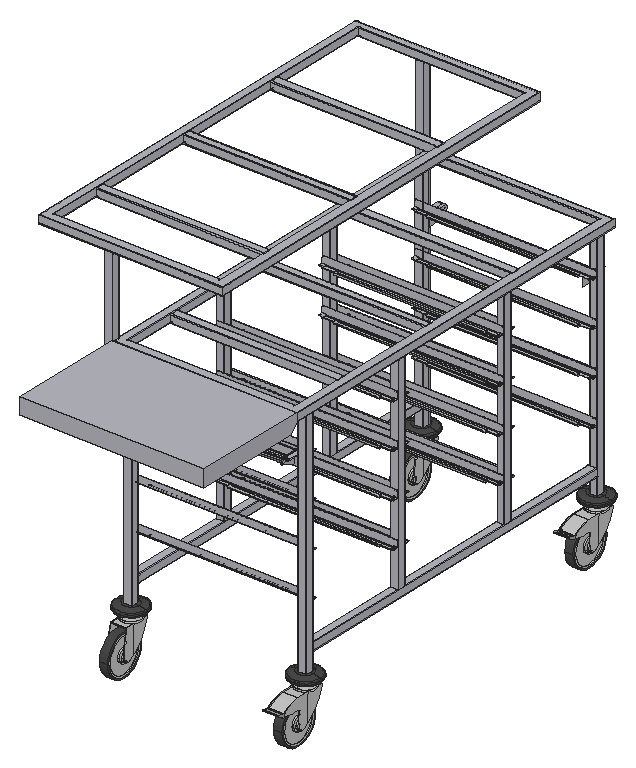
Revit family "QF_BOURGEAT_Chariot_de_préparation_de_plateaux", category Equipement spécialisé, Revit 2015
Parameters
  URL catalogue = "http://www.bourgeat.fr"
  URL = ""
  Type article = ""
  Spécification du Fabricant = "Chariot de préparation de plateaux"
  Profondeur hors tout = 817 mm
  Poids net à vide = 30.50 kg
  Modèle = "798900"
  Longueur hors tout = 1200 mm
  Hauteur hors tout = 1170 mm
  Fabricant = "BOURGEAT"
  Description = ""
  Contact SAV = "0033(4).76.32.14.44"
  Type Comments = ""
  Charge max = 200.00 kg
Reference planes
  plane 1 "Centre (avant/arrière)": y = 0
  plane 2: z = 0
  plane 3 "Centre (gauche/droite)": x = 0
  plane 4: y = 600
  plane 5: y = -600
  plane 6: x = -408.5
  plane 7: x = 408.5
  plane 8: x = -168.5
  plane 9: x = 358.5
  plane 10: y = -550
  plane 11: z = 1170
  plane 12: y = 550
  plane 13: x = -168.5
  plane 14: x = 358.5
  plane 15: z = 882.5
  plane 16: y = -200
  plane 17: y = 200
  plane 18: z = 257.5
  plane 19: y = -403
  plane 20: y = -73
  plane 21: y = 257
  plane 22: z = 794
  plane 23: z = 660
  plane 24: z = 526
  plane 25: z = 392
  plane 26: z = 766.9
  plane 27: z = 733
  plane 28 "Plan incliné": through (4267.2, -752.146, 864.3) normal (0, 0.5595, 0.8288)
  plane 29 "trou": y = -596.016
Forms (mm)
  Extrusion 1, solid, material "Acier inoxydable AISI 440C, soudé"
    sketch origin (0, -350, 0) x (1, 0, 0) y (0, 1, 0)
      loop
        arc (-179.5, 562.5) -> (-180.561, 562.061) -> (-181, 561) r 1.5
        line (-181, 561) -> (-181, 539)
        arc (-181, 539) -> (-180.561, 537.939) -> (-179.5, 537.5) r 1.5
        line (-179.5, 537.5) -> (-157.5, 537.5)
        arc (-157.5, 537.5) -> (-156.439, 537.939) -> (-156, 539) r 1.5
        line (-156, 539) -> (-156, 561)
        arc (-156, 561) -> (-156.439, 562.061) -> (-157.5, 562.5) r 1.5
        line (-157.5, 562.5) -> (-179.5, 562.5)
      loop
        arc (350, 562.5) -> (348.939, 562.061) -> (348.5, 561) r 1.5
        line (348.5, 561) -> (348.5, 539)
        arc (348.5, 539) -> (348.939, 537.939) -> (350, 537.5) r 1.5
        line (350, 537.5) -> (369.5, 537.5)
        arc (369.5, 537.5) -> (370.561, 537.939) -> (371, 539) r 1.5
        line (371, 539) -> (371, 561)
        arc (371, 561) -> (370.561, 562.061) -> (369.5, 562.5) r 1.5
        line (369.5, 562.5) -> (350, 562.5)
      loop
        arc (347.5, 162.5) -> (346.439, 162.061) -> (346, 161) r 1.5
        line (346, 161) -> (346, 139)
        arc (346, 139) -> (346.439, 137.939) -> (347.5, 137.5) r 1.5
        line (347.5, 137.5) -> (369.5, 137.5)
        arc (369.5, 137.5) -> (370.561, 137.939) -> (371, 139) r 1.5
        line (371, 139) -> (371, 161)
        arc (371, 161) -> (370.561, 162.061) -> (369.5, 162.5) r 1.5
        line (369.5, 162.5) -> (347.5, 162.5)
      loop
        arc (-179.5, 162.5) -> (-180.561, 162.061) -> (-181, 161) r 1.5
        line (-181, 161) -> (-181, 139)
        arc (-181, 139) -> (-180.561, 137.939) -> (-179.5, 137.5) r 1.5
        line (-179.5, 137.5) -> (-157.5, 137.5)
        arc (-157.5, 137.5) -> (-156.439, 137.939) -> (-156, 139) r 1.5
        line (-156, 139) -> (-156, 161)
        arc (-156, 161) -> (-156.439, 162.061) -> (-157.5, 162.5) r 1.5
        line (-157.5, 162.5) -> (-179.5, 162.5)
    from 257.5 to 882.5
  Extrusion 2, solid, material "Acier inoxydable AISI 440C, soudé"
    sketch origin (0, 0, 0) x (1, 0, 0) y (0, 0, 1)
      loop
        arc (-179.5, 257.5) -> (-180.561, 257.061) -> (-181, 256) r 1.5
        line (-181, 256) -> (-181, 234)
        arc (-181, 234) -> (-180.561, 232.939) -> (-179.5, 232.5) r 1.5
        line (-179.5, 232.5) -> (-157.5, 232.5)
        arc (-157.5, 232.5) -> (-156.439, 232.939) -> (-156, 234) r 1.5
        line (-156, 234) -> (-156, 256)
        arc (-156, 256) -> (-156.439, 257.061) -> (-157.5, 257.5) r 1.5
        line (-157.5, 257.5) -> (-179.5, 257.5)
      loop
        arc (347.5, 257.5) -> (346.439, 257.061) -> (346, 256) r 1.5
        line (346, 256) -> (346, 234)
        arc (346, 234) -> (346.439, 232.939) -> (347.5, 232.5) r 1.5
        line (347.5, 232.5) -> (369.5, 232.5)
        arc (369.5, 232.5) -> (370.561, 232.939) -> (371, 234) r 1.5
        line (371, 234) -> (371, 256)
        arc (371, 256) -> (370.561, 257.061) -> (369.5, 257.5) r 1.5
        line (369.5, 257.5) -> (347.5, 257.5)
    from -537.5 to 537.5
  Sweep 3, solid, material "Acier inoxydable AISI 440C, soudé"
    path origin (-1122.43, -1524, 882.5) x (-1, 0, 0) y (0, -1, 0)
      loop
        line (-938.93, -924) -> (-1495.93, -924) -> (-1495.93, -2124) -> (-938.93, -2124) -> (-938.93, -924)
    profile origin (95, -600, 882.5) x (0, 1, 0) y (0, 0, 1)
      loop
        line (1.5, 0) -> (23.5, 0)
        arc (23.5, 0) -> (24.561, 0.439) -> (25, 1.5) r 1.5
        line (25, 1.5) -> (25, 23.5)
        arc (25, 23.5) -> (24.561, 24.561) -> (23.5, 25) r 1.5
        line (23.5, 25) -> (1.5, 25)
        arc (1.5, 25) -> (0.439, 24.561) -> (0, 23.5) r 1.5
        line (0, 23.5) -> (0, 1.5)
        arc (0, 1.5) -> (0.439, 0.439) -> (1.5, 0) r 1.5
  Extrusion 4, solid, material "Acier inoxydable AISI 440C, soudé"
    sketch origin (95, -600, 882.5) x (0, 1, 0) y (0, 0, 1)
      loop
        line (209.5, 1.5) -> (209.5, 23.5)
        arc (209.5, 23.5) -> (209.061, 24.561) -> (208, 25) r 1.5
        line (208, 25) -> (186, 25)
        arc (186, 25) -> (184.939, 24.561) -> (184.5, 23.5) r 1.5
        line (184.5, 23.5) -> (184.5, 1.5)
        arc (184.5, 1.5) -> (184.939, 0.439) -> (186, 0) r 1.5
        line (186, 0) -> (208, 0)
        arc (208, 0) -> (209.061, 0.439) -> (209.5, 1.5) r 1.5
      loop
        line (539.5, 1.5) -> (539.5, 23.5)
        arc (539.5, 23.5) -> (539.061, 24.561) -> (538, 25) r 1.5
        line (538, 25) -> (516, 25)
        arc (516, 25) -> (514.939, 24.561) -> (514.5, 23.5) r 1.5
        line (514.5, 23.5) -> (514.5, 1.5)
        arc (514.5, 1.5) -> (514.939, 0.439) -> (516, 0) r 1.5
        line (516, 0) -> (538, 0)
        arc (538, 0) -> (539.061, 0.439) -> (539.5, 1.5) r 1.5
      loop
        line (869.5, 1.5) -> (869.5, 23.5)
        arc (869.5, 23.5) -> (869.061, 24.561) -> (868, 25) r 1.5
        line (868, 25) -> (846, 25)
        arc (846, 25) -> (844.939, 24.561) -> (844.5, 23.5) r 1.5
        line (844.5, 23.5) -> (844.5, 1.5)
        arc (844.5, 1.5) -> (844.939, 0.439) -> (846, 0) r 1.5
        line (846, 0) -> (868, 0)
        arc (868, 0) -> (869.061, 0.439) -> (869.5, 1.5) r 1.5
    from -253.5 to 253.5
  Sweep 5, solid, material "Acier inoxydable AISI 440C, soudé"
    path origin (-1122.43, -1524, 1145.029) x (-1, 0, 0) y (0, -1, 0)
      loop
        line (-713.93, -924) -> (-1270.93, -924) -> (-1270.93, -2124) -> (-713.93, -2124) -> (-713.93, -924)
    profile origin (-130, -600, 1145.029) x (0, 1, 0) y (0, 0, 1)
      loop
        line (1.5, 0) -> (23.5, 0)
        arc (23.5, 0) -> (24.561, 0.439) -> (25, 1.5) r 1.5
        line (25, 1.5) -> (25, 23.5)
        arc (25, 23.5) -> (24.561, 24.561) -> (23.5, 25) r 1.5
        line (23.5, 25) -> (1.5, 25)
        arc (1.5, 25) -> (0.439, 24.561) -> (0, 23.5) r 1.5
        line (0, 23.5) -> (0, 1.5)
        arc (0, 1.5) -> (0.439, 0.439) -> (1.5, 0) r 1.5
  Extrusion 6, solid, material "Acier inoxydable AISI 440C, soudé"
    sketch origin (-130, -600, 1407.529) x (0, 1, 0) y (0, 0, 1)
      loop
        line (211, -261.029) -> (211, -240.529)
        arc (211, -240.529) -> (210.121, -238.407) -> (208, -237.529) r 3
        line (208, -237.529) -> (187.5, -237.529)
        arc (187.5, -237.529) -> (185.379, -238.407) -> (184.5, -240.529) r 3
        line (184.5, -240.529) -> (184.5, -261.029)
        arc (184.5, -261.029) -> (184.939, -262.089) -> (186, -262.529) r 1.5
        line (186, -262.529) -> (209.5, -262.529)
        arc (209.5, -262.529) -> (210.561, -262.089) -> (211, -261.029) r 1.5
      loop
        line (539.5, -261.029) -> (539.5, -239.029)
        arc (539.5, -239.029) -> (539.061, -237.968) -> (538, -237.529) r 1.5
        line (538, -237.529) -> (516, -237.529)
        arc (516, -237.529) -> (514.939, -237.968) -> (514.5, -239.029) r 1.5
        line (514.5, -239.029) -> (514.5, -261.029)
        arc (514.5, -261.029) -> (514.939, -262.089) -> (516, -262.529) r 1.5
        line (516, -262.529) -> (538, -262.529)
        arc (538, -262.529) -> (539.061, -262.089) -> (539.5, -261.029) r 1.5
      loop
        line (869.5, -261.029) -> (869.5, -239.029)
        arc (869.5, -239.029) -> (869.061, -237.968) -> (868, -237.529) r 1.5
        line (868, -237.529) -> (846, -237.529)
        arc (846, -237.529) -> (844.939, -237.968) -> (844.5, -239.029) r 1.5
        line (844.5, -239.029) -> (844.5, -261.029)
        arc (844.5, -261.029) -> (844.939, -262.089) -> (846, -262.529) r 1.5
        line (846, -262.529) -> (868, -262.529)
        arc (868, -262.529) -> (869.061, -262.089) -> (869.5, -261.029) r 1.5
    from -253.5 to 253.5
  Extrusion 7, solid, material "Acier inoxydable AISI 440C, soudé"
    sketch origin (-67.5, -350, 0) x (1, 0, 0) y (0, 1, 0)
      loop
        arc (-139.5, 950) -> (-140.561, 949.561) -> (-141, 948.5) r 1.5
        line (-141, 948.5) -> (-141, 926.5)
        arc (-141, 926.5) -> (-140.561, 925.439) -> (-139.5, 925) r 1.5
        line (-139.5, 925) -> (-117.5, 925)
        arc (-117.5, 925) -> (-116.439, 925.439) -> (-116, 926.5) r 1.5
        line (-116, 926.5) -> (-116, 948.5)
        arc (-116, 948.5) -> (-116.439, 949.561) -> (-117.5, 950) r 1.5
        line (-117.5, 950) -> (-139.5, 950)
      loop
        arc (-139.5, -225) -> (-140.561, -225.439) -> (-141, -226.5) r 1.5
        line (-141, -226.5) -> (-141, -248.5)
        arc (-141, -248.5) -> (-140.561, -249.561) -> (-139.5, -250) r 1.5
        line (-139.5, -250) -> (-117.5, -250)
        arc (-117.5, -250) -> (-116.439, -249.561) -> (-116, -248.5) r 1.5
        line (-116, -248.5) -> (-116, -226.5)
        arc (-116, -226.5) -> (-116.439, -225.439) -> (-117.5, -225) r 1.5
        line (-117.5, -225) -> (-139.5, -225)
    from 882.5 to 1145
  Extrusion 8, solid, material "Acier inoxydable AISI 440C, soudé"
    sketch origin (0, -700, 0) x (1, 0, 0) y (0, 1, 0)
      loop
        arc (-179.5, 1262.5) -> (-180.561, 1262.061) -> (-181, 1261) r 1.5
        line (-181, 1261) -> (-181, 1239)
        arc (-181, 1239) -> (-180.561, 1237.939) -> (-179.5, 1237.5) r 1.5
        line (-179.5, 1237.5) -> (-157.5, 1237.5)
        arc (-157.5, 1237.5) -> (-156.439, 1237.939) -> (-156, 1239) r 1.5
        line (-156, 1239) -> (-156, 1261)
        arc (-156, 1261) -> (-156.439, 1262.061) -> (-157.5, 1262.5) r 1.5
        line (-157.5, 1262.5) -> (-179.5, 1262.5)
      loop
        arc (350, 1262.5) -> (348.939, 1262.061) -> (348.5, 1261) r 1.5
        line (348.5, 1261) -> (348.5, 1239)
        arc (348.5, 1239) -> (348.939, 1237.939) -> (350, 1237.5) r 1.5
        line (350, 1237.5) -> (369.5, 1237.5)
        arc (369.5, 1237.5) -> (370.561, 1237.939) -> (371, 1239) r 1.5
        line (371, 1239) -> (371, 1261)
        arc (371, 1261) -> (370.561, 1262.061) -> (369.5, 1262.5) r 1.5
        line (369.5, 1262.5) -> (350, 1262.5)
      loop
        arc (347.5, 162.5) -> (346.439, 162.061) -> (346, 161) r 1.5
        line (346, 161) -> (346, 139)
        arc (346, 139) -> (346.439, 137.939) -> (347.5, 137.5) r 1.5
        line (347.5, 137.5) -> (369.5, 137.5)
        arc (369.5, 137.5) -> (370.561, 137.939) -> (371, 139) r 1.5
        line (371, 139) -> (371, 161)
        arc (371, 161) -> (370.561, 162.061) -> (369.5, 162.5) r 1.5
        line (369.5, 162.5) -> (347.5, 162.5)
      loop
        arc (-179.5, 162.5) -> (-180.561, 162.061) -> (-181, 161) r 1.5
        line (-181, 161) -> (-181, 139)
        arc (-181, 139) -> (-180.561, 137.939) -> (-179.5, 137.5) r 1.5
        line (-179.5, 137.5) -> (-157.5, 137.5)
        arc (-157.5, 137.5) -> (-156.439, 137.939) -> (-156, 139) r 1.5
        line (-156, 139) -> (-156, 161)
        arc (-156, 161) -> (-156.439, 162.061) -> (-157.5, 162.5) r 1.5
        line (-157.5, 162.5) -> (-179.5, 162.5)
    from 182 to 882.5
  Extrusion 9, solid, material "Acier inoxydable AISI 440C, soudé"
    sketch origin (-1124.91, -1486.516, 882.5) x (-1, 0, 0) y (0, -1, 0)
      loop
        line (-1470.91, -949.02) -> (-1468.91, -949.02) -> (-1468.91, -931.02) -> (-1451.41, -931.02) -> (-1451.41, -929.02) -> (-1470.91, -929.02) -> (-1470.91, -949.02)
    from -149.5 to -115.6
  Extrusion 10, solid, material "Acier inoxydable AISI 440C, soudé"
    sketch origin (1314.91, -1486.516, 882.5) x (1, 0, 0) y (0, 1, 0)
      loop
        line (-1470.91, 949.02) -> (-1470.91, 929.02) -> (-1451.41, 929.02) -> (-1451.41, 931.02) -> (-1468.91, 931.02) -> (-1468.91, 949.02) -> (-1470.91, 949.02)
    from -149.5 to -115.6
  Extrusion 11, solid, material "Acier inoxydable AISI 440C, soudé"
    sketch origin (0, 37.484, 0) x (1, 0, 0) y (0, 0, 1)
      loop
        line (-156, 766.9) -> (-140, 766.9)
        arc (-140, 766.9) -> (-138.939, 766.461) -> (-138.5, 765.4) r 1.5
        line (-138.5, 765.4) -> (-138.5, 733) -> (-136.5, 733) -> (-136.5, 765.4)
        arc (-136.5, 765.4) -> (-137.525, 767.875) -> (-140, 768.9) r 3.5
        line (-140, 768.9) -> (-156, 768.9) -> (-156, 766.9)
    from 575 to 639.734
  Extrusion 12, solid, material "Acier inoxydable AISI 440C, soudé"
    sketch origin (190, 37.484, 0) x (-1, 0, 0) y (0, 0, -1)
      loop
        line (-156, -766.9) -> (-156, -768.9) -> (-140, -768.9)
        arc (-140, -768.9) -> (-137.525, -767.875) -> (-136.5, -765.4) r 3.5
        line (-136.5, -765.4) -> (-136.5, -733) -> (-138.5, -733) -> (-138.5, -765.4)
        arc (-138.5, -765.4) -> (-138.939, -766.461) -> (-140, -766.9) r 1.5
        line (-140, -766.9) -> (-156, -766.9)
    from 575 to 639.734
  Extrusion 13, void
    sketch origin (95, -600, 882.5) x (0, 1, 0) y (0, 0, 1)
      loop
        line (3.307, -114.6) -> (7.734, -114.6) -> (7.734, -113.6) -> (7.734, -112.492) -> (-10.117, -112.492) -> (-10.117, -152.492) -> (43.322, -152.492) -> (44.504, -149.5) -> (3.95, -133.48)
        arc (3.95, -133.48) -> (-2.56, -124.251) -> (3.307, -114.6) r 10.3
      loop
        circle (3.984, -123.6) r 3.5
      loop
        circle (26.484, -123.6) r 3.5
    from -253.5 to 251
  Sweep 14, solid, material "Acier inoxydable AISI 440C, soudé"
    path in 3D
      loop
        line (-142.389, -596.03, 758.91) -> (-136.5, -596.03, 758.91)
        arc (-136.5, -596.03, 758.91) -> (-133.672, -597.001, 759.565) -> (-132.5, -599.345, 761.148) r 4
        line (-132.5, -599.345, 761.148) -> (-132.5, -747.704, 861.302)
        arc (-132.5, -747.704, 861.302) -> (-130.743, -751.22, 863.675) -> (-126.5, -752.677, 864.659) r 6
        line (-126.5, -752.677, 864.659) -> (316.5, -752.677, 864.659)
        arc (316.5, -752.677, 864.659) -> (320.743, -751.22, 863.675) -> (322.5, -747.704, 861.302) r 6
        line (322.5, -747.704, 861.302) -> (322.5, -599.345, 761.148)
        arc (322.5, -599.345, 761.148) -> (323.672, -597.001, 759.565) -> (326.5, -596.03, 758.91) r 4
        line (326.5, -596.03, 758.91) -> (330.065, -596.03, 758.91)
    profile origin (328.282, -596.03, 758.91) x (0, 0.828819, -0.559518) y (0, 0.559518, 0.828819)
      loop
        circle (0, 0) r 3.5
  Extrusion 15, solid, material "Acier inoxydable AISI 440C, soudé"
    sketch origin (95, -600, 882.5) x (0, 1, 0) y (0, 0, 1)
      loop
        line (-2.3, 26.5) -> (-351, 26.5) -> (-351, -22.5) -> (-25.3, -22.5) -> (-2.3, -0.5) -> (-2.3, 26.5)
    from -278.5 to 278.5
  Extrusion 16, solid, material "Acier inoxydable AISI 440C, soudé"
    sketch origin (0, -37.484, 0) x (1, 0, 0) y (0, 0, -1)
      loop
        line (-156, -766.9) -> (-156, -768.9) -> (-140, -768.9)
        arc (-140, -768.9) -> (-137.525, -767.875) -> (-136.5, -765.4) r 3.5
        line (-136.5, -765.4) -> (-136.5, -733) -> (-138.5, -733) -> (-138.5, -765.4)
        arc (-138.5, -765.4) -> (-138.939, -766.461) -> (-140, -766.9) r 1.5
        line (-140, -766.9) -> (-156, -766.9)
    from 575 to 639.734
  Extrusion 17, solid, material "Acier inoxydable AISI 440C, soudé"
    sketch origin (190, -37.484, 0) x (-1, 0, 0) y (0, 0, 1)
      loop
        line (-156, 766.9) -> (-140, 766.9)
        arc (-140, 766.9) -> (-138.939, 766.461) -> (-138.5, 765.4) r 1.5
        line (-138.5, 765.4) -> (-138.5, 733) -> (-136.5, 733) -> (-136.5, 765.4)
        arc (-136.5, 765.4) -> (-137.525, 767.875) -> (-140, 768.9) r 3.5
        line (-140, 768.9) -> (-156, 768.9) -> (-156, 766.9)
    from 575 to 639.734
  Extrusion 18, void
    sketch origin (95, 600, 882.5) x (0, -1, 0) y (0, 0, -1)
      loop
        arc (3.307, 114.6) -> (-2.56, 124.251) -> (3.95, 133.48) r 10.3
        line (3.95, 133.48) -> (44.504, 149.5) -> (43.322, 152.492) -> (-10.117, 152.492) -> (-10.117, 112.492) -> (7.734, 112.492) -> (7.734, 113.6) -> (7.734, 114.6) -> (3.307, 114.6)
      loop
        circle (3.984, 123.6) r 3.5
      loop
        circle (26.484, 123.6) r 3.5
    from -253.5 to 251
Cuts and joins
  joined: Sweep 3, Extrusion 4
  Extrusion 13, Extrusion 18 cuts Extrusion 12
  Extrusion 13, Extrusion 18 cuts Extrusion 11
  Extrusion 18 cuts Extrusion 8
  Extrusion 18 cuts Extrusion 9
  Extrusion 18 cuts Extrusion 10
  Extrusion 18 cuts Extrusion 16
  Extrusion 18 cuts Extrusion 17
Lines and regions (mm)
  symbolic lines
    curve 1: line (95, 277, 882.5) -> (95, 437, 882.5)
  sketch lines
    curve 2: line (326.5, -596.03, 758.91) -> (330.065, -596.03, 758.91)
    curve 3: arc (326.5, -596.03, 758.91) -> (323.672, -597.001, 759.565) -> (322.5, -599.345, 761.148) r 4
    curve 4: line (322.5, -747.704, 861.302) -> (322.5, -599.345, 761.148)
    curve 5: arc (322.5, -747.704, 861.302) -> (320.743, -751.22, 863.675) -> (316.5, -752.677, 864.659) r 6
    curve 6: line (-126.5, -752.677, 864.659) -> (316.5, -752.677, 864.659)
    curve 7: arc (-126.5, -752.677, 864.659) -> (-130.743, -751.22, 863.675) -> (-132.5, -747.704, 861.302) r 6
    curve 8: line (-132.5, -747.704, 861.302) -> (-132.5, -599.345, 761.148)
    curve 9: arc (-132.5, -599.345, 761.148) -> (-133.672, -597.001, 759.565) -> (-136.5, -596.03, 758.91) r 4
    curve 10: line (-142.389, -596.03, 758.91) -> (-136.5, -596.03, 758.91)
  model lines
    curve 11: line (95, -600, 909) -> (95, -601, 909)
Dimensions and locks
  equal spacing: plane 6, plane 3 "Centre (gauche/droite)", plane 7
  equal spacing: plane 4, plane 1 "Centre (avant/arrière)", plane 5
  "Profondeur hors tout": plane 6 to plane 7
  "Longueur hors tout": plane 4 to plane 5
  plane 10 to plane 5 = 50 mm
  plane 9 to plane 7 = 50 mm
  plane 6 to plane 8 = 240 mm
  "Hauteur hors tout": plane 11 to level
  plane 4 to plane 12 = 50 mm
  plane 6 to plane 13 = 240 mm
  plane 14 to plane 7 = 50 mm
  plane 15 to plane 2 = 882.5 mm
  equal spacing: plane 5, plane 16, plane 17, plane 4
  plane 18 to plane 2 = 257.5 mm
  plane 1 "Centre (avant/arrière)" to Extrusion 1 = 212.5 mm
  locked: Sweep 3 sketch curve to plane 8 at 15
  locked: plane 9 to Sweep 3 sketch curve at 15
  locked: plane 19 to plane 20 at 330
  locked: plane 20 to plane 21 at 330
  plane 4 to plane 21 = 343 mm
  plane 15 to plane 22 = 88.5 mm
  plane 22 to plane 23 = 134 mm
  plane 23 to plane 24 = 134 mm
  plane 24 to plane 25 = 134 mm
  plane 15 to plane 26 = 115.6 mm
  plane 26 to plane 27 = 33.9 mm
  aligned and locked: level to plane 2
  aligned and locked: nested 1 to plane 8
  aligned and locked: plane 10 to nested 2
  aligned and locked: nested 2 to plane 9
  aligned and locked: nested 4 to plane 12
  aligned and locked: nested 3 to plane 12
  aligned and locked: plane 14 to nested 3
  aligned and locked: plane 10 to nested 1
  aligned and locked: Extrusion 1 to plane 18
  aligned and locked: Extrusion 1 to Extrusion 2 sketch curve
  aligned and locked: Extrusion 2 sketch curve to Extrusion 1
  aligned and locked: Sweep 3 sketch curve to plane 5
  aligned and locked: plane 4 to Sweep 3 sketch curve
  aligned and locked: Sweep 3 sketch curve to profile plane
  aligned and locked: profile plane to Sweep 3 sketch curve
  aligned and locked: Extrusion 4 to Extrusion 1
  aligned and locked: nested 4 to Extrusion 4
  aligned and locked: Sweep 5 sketch curve to profile plane
  aligned and locked: profile plane to Sweep 5 sketch curve
  aligned and locked: plane 11 to Sweep 5
  aligned and locked: plane 11 to Extrusion 6
  aligned and locked: Extrusion 4 to Sweep 3  (x2)
  aligned and locked: Extrusion 6 to Sweep 5
  aligned and locked: Extrusion 7 to Extrusion 6
  aligned and locked: Extrusion 8 to nested 1
Automatic sketch dimensions
  Extrusion 1 sketch curve to plane 8 = 12.5 mm  (x2)
  Extrusion 1 sketch curve to Extrusion 1 sketch curve = 1.5 mm  (x12)
  plane 8 to Extrusion 1 sketch curve = 11 mm  (x4)
  Extrusion 1 sketch curve to plane 9 = 12.5 mm
  Extrusion 1 sketch curve to plane 9 = 10 mm
  plane 9 to Extrusion 1 sketch curve = 11 mm  (x4)
  Extrusion 1 sketch curve to plane 16 = 12.5 mm  (x2)
  plane 16 to Extrusion 1 sketch curve = 11 mm  (x2)
  plane 17 to Extrusion 1 sketch curve = 12.5 mm  (x2)
  Extrusion 1 sketch curve to plane 17 = 11 mm  (x2)
  Extrusion 2 sketch curve to plane 18 = 0 mm
  Extrusion 2 sketch curve to Extrusion 2 sketch curve = 1.5 mm  (x3)
  Extrusion 2 sketch curve to plane 18 = 1.5 mm  (x3)
  plane 8 to Extrusion 2 sketch curve = 11 mm  (x2)
  Extrusion 2 sketch curve to plane 9 = 12.5 mm
  plane 9 to Extrusion 2 sketch curve = 11 mm  (x2)
  Extrusion 2 sketch curve to Extrusion 2 sketch curve = 22 mm  (x2)
  Sweep 3 sketch curve to profile plane = 1.5 mm
  Sweep 3 sketch curve to Sweep 3 sketch curve = 1.5 mm  (x2)
  Sweep 3 sketch curve to Sweep 3 sketch curve = 22 mm  (x2)
  Sweep 3 sketch curve to Sweep 3 sketch curve = 0 mm
  Extrusion 4 sketch curve to plane 15 = 0 mm  (x3)
  plane 15 to Extrusion 4 sketch curve = 1.5 mm  (x5)
  plane 19 to Extrusion 4 sketch curve = 12.5 mm
  Extrusion 4 sketch curve to Extrusion 4 sketch curve = 1.5 mm  (x4)
  Extrusion 4 sketch curve to plane 19 = 11 mm  (x2)
  plane 20 to Extrusion 4 sketch curve = 12.5 mm
  Extrusion 4 sketch curve to plane 20 = 11 mm  (x2)
  plane 21 to Extrusion 4 sketch curve = 12.5 mm
  Extrusion 4 sketch curve to plane 21 = 11 mm  (x2)
  Extrusion 4 sketch curve to Extrusion 4 sketch curve = 22 mm  (x3)
  Sweep 5 sketch curve to plane 5 = 0 mm
  Sweep 5 sketch curve to plane 4 = 0 mm
  Sweep 5 sketch curve to plane 6 = 0 mm
  plane 3 "Centre (gauche/droite)" to Sweep 5 sketch curve = 148.5 mm
  Sweep 5 sketch curve to profile plane = 1.5 mm  (x2)
  Sweep 5 sketch curve to Sweep 5 sketch curve = 22 mm  (x2)
  Sweep 5 sketch curve to Sweep 5 sketch curve = 0 mm
  Sweep 5 sketch curve to Sweep 5 sketch curve = 1.5 mm
  Extrusion 6 sketch curve to plane 11 = 0 mm  (x3)
  plane 19 to Extrusion 6 sketch curve = 12.5 mm
  Extrusion 6 sketch curve to Extrusion 6 sketch curve = 1.5 mm  (x6)
  Extrusion 6 sketch curve to Extrusion 6 sketch curve = 3 mm
  Extrusion 6 sketch curve to plane 19 = 11 mm
  Extrusion 6 sketch curve to plane 19 = 12.5 mm
  Extrusion 6 sketch curve to plane 11 = 3 mm
  plane 20 to Extrusion 6 sketch curve = 12.5 mm
  Extrusion 6 sketch curve to plane 11 = 1.5 mm  (x3)
  Extrusion 6 sketch curve to plane 20 = 11 mm
  plane 21 to Extrusion 6 sketch curve = 12.5 mm
  Extrusion 6 sketch curve to plane 21 = 11 mm
  Extrusion 6 sketch curve to Extrusion 6 sketch curve = 20.5 mm
  Extrusion 6 sketch curve to Extrusion 6 sketch curve = 22 mm  (x2)
  Extrusion 7 sketch curve to plane 5 = 0 mm
  Extrusion 7 sketch curve to plane 4 = 0 mm
  plane 5 to Extrusion 7 sketch curve = 1.5 mm
  Extrusion 7 sketch curve to plane 8 = 40 mm  (x2)
  Extrusion 7 sketch curve to plane 4 = 23.5 mm
  Extrusion 7 sketch curve to plane 4 = 1.5 mm  (x2)
  Extrusion 7 sketch curve to Extrusion 7 sketch curve = 1.5 mm  (x4)
  Extrusion 7 sketch curve to plane 8 = 16.5 mm  (x3)
  Extrusion 7 sketch curve to plane 29 "trou" = 19.516 mm
  Extrusion 8 sketch curve to plane 8 = 12.5 mm  (x2)
  Extrusion 8 sketch curve to Extrusion 8 sketch curve = 1.5 mm  (x12)
  plane 8 to Extrusion 8 sketch curve = 11 mm  (x4)
  Extrusion 8 sketch curve to plane 9 = 12.5 mm
  Extrusion 8 sketch curve to plane 9 = 10 mm
  plane 9 to Extrusion 8 sketch curve = 11 mm  (x4)
  Extrusion 8 sketch curve to plane 10 = 12.5 mm  (x2)
  plane 10 to Extrusion 8 sketch curve = 11 mm  (x2)
  plane 12 to Extrusion 8 sketch curve = 12.5 mm  (x2)
  Extrusion 8 sketch curve to plane 12 = 11 mm  (x2)
  plane 3 "Centre (gauche/droite)" to curve 1 = 95 mm
  plane 12 to curve 1 = 113 mm
  curve 1 to plane 21 = 20 mm
  Extrusion 9 sketch curve to plane 9 = 12.5 mm
  Extrusion 9 sketch curve to Extrusion 9 sketch curve = 2 mm  (x2)
  Extrusion 9 sketch curve to plane 10 = 5.496 mm
  Extrusion 9 sketch curve to Extrusion 9 sketch curve = 17.5 mm
  plane 10 to Extrusion 9 sketch curve = 12.504 mm
  plane 8 to Extrusion 10 sketch curve = 12.5 mm
  Extrusion 10 sketch curve to Extrusion 10 sketch curve = 2 mm  (x2)
  Extrusion 10 sketch curve to plane 10 = 5.496 mm
  Extrusion 10 sketch curve to Extrusion 10 sketch curve = 17.5 mm
  plane 10 to Extrusion 10 sketch curve = 12.504 mm
  Extrusion 11 sketch curve to Extrusion 11 sketch curve = 0 mm  (x2)
  Extrusion 11 sketch curve to plane 26 = 0 mm
  Extrusion 11 sketch curve to plane 27 = 0 mm
  plane 8 to Extrusion 11 sketch curve = 12.5 mm
  plane 26 to Extrusion 11 sketch curve = 1.5 mm
  Extrusion 11 sketch curve to Extrusion 11 sketch curve = 16 mm
  Extrusion 11 sketch curve to Extrusion 11 sketch curve = 2 mm
  Extrusion 12 sketch curve to Extrusion 12 sketch curve = 0 mm  (x2)
  Extrusion 12 sketch curve to plane 26 = 0 mm
  Extrusion 12 sketch curve to plane 27 = 0 mm
  plane 9 to Extrusion 12 sketch curve = 12.5 mm
  Extrusion 12 sketch curve to plane 26 = 1.5 mm
  Extrusion 12 sketch curve to Extrusion 12 sketch curve = 16 mm
  Extrusion 12 sketch curve to Extrusion 12 sketch curve = 2 mm
  curve 11 to plane 5 = 0 mm
  curve 11 to plane 5 = 1 mm
  plane 15 to curve 11 = 26.5 mm
  Extrusion 13 sketch curve to plane 28 "Plan incliné" = 0 mm
  Extrusion 13 sketch curve to plane 29 "trou" = 0 mm
  Extrusion 13 sketch curve to plane 27 = 0 mm
  plane 29 "trou" to Extrusion 13 sketch curve = 0.034 mm
  Extrusion 13 sketch curve to plane 27 = 2.992 mm
  Extrusion 13 sketch curve to plane 5 = 10.117 mm
  Extrusion 13 sketch curve to plane 26 = 1 mm
  Extrusion 13 sketch curve to plane 29 "trou" = 3.75 mm  (x2)
  plane 26 to Extrusion 13 sketch curve = 8 mm
  Extrusion 13 sketch curve to Extrusion 13 sketch curve = 18.75 mm
  Extrusion 13 sketch curve to plane 10 = 6.678 mm
  Extrusion 13 sketch curve to Extrusion 13 sketch curve = 1.182 mm
  Extrusion 13 sketch curve to Extrusion 13 sketch curve = 0.3 mm
  Extrusion 13 sketch curve to Extrusion 13 sketch curve = 1 mm
  Extrusion 13 sketch curve to Extrusion 13 sketch curve = 1.108 mm
  Extrusion 13 sketch curve to Extrusion 13 sketch curve = 0 mm
  Sweep 14 sketch curve to profile plane = 0 mm  (x2)
  plane 15 to Extrusion 15 sketch curve = 26.5 mm
  Extrusion 15 sketch curve to plane 5 = 351 mm
  Extrusion 15 sketch curve to plane 5 = 25.3 mm
  Extrusion 15 sketch curve to plane 15 = 0.5 mm
  Extrusion 15 sketch curve to plane 5 = 2.3 mm
  Extrusion 15 sketch curve to plane 15 = 22.5 mm
  Extrusion 16 sketch curve to Extrusion 16 sketch curve = 0 mm  (x2)
  Extrusion 16 sketch curve to plane 26 = 0 mm
  Extrusion 16 sketch curve to plane 27 = 0 mm
  plane 8 to Extrusion 16 sketch curve = 12.5 mm
  plane 26 to Extrusion 16 sketch curve = 1.5 mm
  Extrusion 16 sketch curve to Extrusion 16 sketch curve = 16 mm
  Extrusion 16 sketch curve to Extrusion 16 sketch curve = 2 mm
  Extrusion 17 sketch curve to Extrusion 17 sketch curve = 0 mm  (x2)
  Extrusion 17 sketch curve to plane 26 = 0 mm
  Extrusion 17 sketch curve to plane 27 = 0 mm
  Extrusion 17 sketch curve to plane 9 = 12.5 mm
  plane 26 to Extrusion 17 sketch curve = 1.5 mm
  Extrusion 17 sketch curve to Extrusion 17 sketch curve = 16 mm
  Extrusion 17 sketch curve to Extrusion 17 sketch curve = 2 mm
  Extrusion 18 sketch curve to plane 27 = 0 mm
  plane 26 to Extrusion 18 sketch curve = 3.108 mm
  Extrusion 18 sketch curve to plane 4 = 10.117 mm
  plane 4 to Extrusion 18 sketch curve = 3.95 mm
  plane 4 to Extrusion 18 sketch curve = 3.984 mm
  plane 26 to Extrusion 18 sketch curve = 1 mm
  plane 4 to Extrusion 18 sketch curve = 7.734 mm
  Extrusion 18 sketch curve to Extrusion 18 sketch curve = 3.75 mm
  Extrusion 18 sketch curve to plane 26 = 8 mm
  Extrusion 18 sketch curve to Extrusion 18 sketch curve = 18.75 mm
  plane 27 to Extrusion 18 sketch curve = 2.992 mm
  plane 12 to Extrusion 18 sketch curve = 6.678 mm
  Extrusion 18 sketch curve to Extrusion 18 sketch curve = 1.182 mm
  Extrusion 18 sketch curve to Extrusion 18 sketch curve = 9.3 mm
  Extrusion 18 sketch curve to Extrusion 18 sketch curve = 0.3 mm
  Extrusion 18 sketch curve to Extrusion 18 sketch curve = 1 mm
  Extrusion 18 sketch curve to Extrusion 18 sketch curve = 0 mm
  radius of Extrusion 13 sketch curve = 3.5 mm  (x2)
  radius of Sweep 14 sketch curve = 3.5 mm
  radius of Extrusion 18 sketch curve = 3.5 mm  (x2)
Nested families
  nested 1: "ROULETTE" at (-168.5, -550, 0) x (-1, 0, 0) z (0, 0, 1), type "ROULETTE"
    with Sans frein yes, Avec frein no
  nested 2: "ROULETTE" at (358.5, -550, 0) x (-1, 0, 0) z (0, 0, 1), type "ROULETTE"
    with Sans frein no, Avec frein yes
  nested 3: "ROULETTE" at (358.5, 550, 0) x (-1, 0, 0) z (0, 0, 1), type "ROULETTE"
    with Sans frein no, Avec frein yes
  nested 4: "ROULETTE" at (-171, 550, 0) x (-1, 0, 0) z (0, 0, 1), type "ROULETTE"
    with Sans frein yes, Avec frein no
  nested 5: "Lisse" at (-0.03, 0.004, 0), type "Lisse"
  nested 6: "Lisse" at (-0.03, 0.004, -134), type "Lisse"
  nested 7: "Lisse" at (-0.03, 0.004, -268), type "Lisse"
  nested 8: "Lisse" at (-0.03, 0.004, -402), type "Lisse"
  nested 9: "Lisse" at (-0.03, 399.996, 0), type "Lisse"
  nested 10: "Lisse" at (-0.03, 399.996, -134), type "Lisse"
  nested 11: "Lisse" at (-0.03, 399.996, -268), type "Lisse"
  nested 12: "Lisse" at (-0.03, 399.996, -402), type "Lisse"
  nested 13: "Lisse" at (-0.03, -399.996, 0), type "Lisse"
  nested 14: "Lisse" at (-0.03, -399.996, -134), type "Lisse"
  nested 15: "Lisse" at (-0.03, -399.996, -268), type "Lisse"
  nested 16: "Lisse" at (-0.03, -399.996, -402), type "Lisse"
  nested 17: "Lisse" at (-0.03, -0.004, 0), type "Lisse"
  nested 18: "Lisse" at (-0.03, -0.004, -134), type "Lisse"
  nested 19: "Lisse" at (-0.03, -0.004, -268), type "Lisse"
  nested 20: "Lisse" at (-0.03, -0.004, -402), type "Lisse"
  nested 21: "Lisse" at (-0.03, -749.996, 0), type "Lisse"
  nested 22: "Lisse" at (-0.03, -749.996, -134), type "Lisse"
  nested 23: "Lisse" at (-0.03, -749.996, -268), type "Lisse"
  nested 24: "Lisse" at (-0.03, -749.996, -402), type "Lisse"
  nested 25: "Lisse" at (-0.03, 749.996, 0), type "Lisse"
  nested 26: "Lisse" at (-0.03, 749.996, -134), type "Lisse"
  nested 27: "Lisse" at (-0.03, 749.996, -268), type "Lisse"
  nested 28: "Lisse" at (-0.03, 749.996, -402), type "Lisse"
Definition of nested family "ROULETTE"
  Parameters (values of type "ROULETTE")
    Sans frein [instance] = yes
    Avec frein [instance] = yes
  Reference planes
    plane 1 "Centre (avant/arrière)": y = 0
    plane 2: z = 0
    plane 3 "Centre (gauche/droite)": x = 0
    plane 4: y = 40.851
    plane 5: z = 62.5
  Forms (mm)
    Extrusion 1, solid
      sketch origin (0, 0, 0) x (0, 1, 0) y (0, 0, 1)
        loop
          circle (40.851, 62.5) r 62.5
        loop
          circle (40.851, 62.5) r 57.5
      from -12.5 to 12.5
    Revolve 2, solid
      sketch origin (0, 0, 30.333) x (1, 0, 0) y (0, 0, 1)
        loop
          line (0, 151.667) -> (-25, 151.667) -> (-45.338, 146.217)
          arc (-45.338, 146.217) -> (-46.897, 145.175) -> (-47.5, 143.4) r 2.917
          line (-47.5, 143.4) -> (-47.5, 138.833)
          arc (-47.5, 138.833) -> (-47.012, 137.655) -> (-45.833, 137.167) r 1.667
          line (-45.833, 137.167) -> (-24.607, 137.167) -> (-24, 132.667) -> (0, 132.667) -> (0, 151.667)
        axis (0, 151.667) -> (0, 132.667)
      angle from 0 to 360
    Revolve 3, solid
      sketch origin (0, 0, 0) x (0, 1, 0) y (0, 0, 1)
        loop
          line (0, 163) -> (-20.149, 163) -> (-20.149, 159.41) -> (-21.6, 159.41)
          arc (-21.6, 159.41) -> (-24.448, 158.65) -> (-26.537, 156.572) r 5.712
          line (-26.537, 156.572) -> (-30.146, 147.743) -> (-26.999, 147.062) -> (-26.999, 146.112)
          arc (-26.999, 146.112) -> (-27.23, 145.314) -> (-27.849, 144.761) r 1.5
          arc (-27.849, 144.761) -> (-29.223, 143.633) -> (-29.923, 142) r 3.75
          line (-29.923, 142) -> (0, 142) -> (0, 163)
        axis (0, 163) -> (0, 142)
      angle from 0 to 360
    Extrusion 4, solid
      sketch origin (0, 0, 0) x (0, 1, 0) y (0, 0, -1)
        loop
          line (-29.974, -138.241) -> (-29.974, -142) -> (21.747, -142) -> (21.747, -60.336)
          arc (21.747, -60.336) -> (10.272, -70.702) -> (-0.149, -82.127) r 160.057
          arc (-0.149, -82.127) -> (-17.883, -108.684) -> (-29.974, -138.241) r 159.585
      from -24.913 to -23.038
    Extrusion 5, solid
      sketch origin (0, 0, 0) x (0, 1, 0) y (0, 0, 1)
        loop
          line (-29.974, 142) -> (-29.974, 140.869) -> (21.747, 140.869) -> (21.747, 142) -> (-29.974, 142)
      from -23.038 to 23.038
    Extrusion 6, solid
      sketch origin (0, 0, 0) x (0, 1, 0) y (0, 0, 1)
        loop
          circle (40.851, 62.5) r 57.5
        loop
          circle (40.851, 62.5) r 55
      from -12.5 to 12.5
    Extrusion 7, solid
      sketch origin (0, 0, 0) x (0, 1, 0) y (0, 0, 1)
        loop
          circle (40.851, 62.5) r 55
      from -7 to 7
    Extrusion 8, solid
      sketch origin (0, 0, 0) x (0, 1, 0) y (0, 0, 1)
        loop
          circle (40.851, 62.5) r 21
      from 7 to 15
    Extrusion 9, solid
      sketch origin (0, 0, 0) x (0, 1, 0) y (0, 0, -1)
        loop
          circle (40.851, -62.5) r 16
      from -23.038 to -15
    Extrusion 10, solid, visible <- "Sans frein"
      sketch origin (0, 0, 0) x (0, 1, 0) y (0, 0, 1)
        loop
          arc (21.747, 60.336) -> (23.188, 59.17) -> (24.642, 58.02) r 161.23
          arc (24.642, 58.02) -> (29.34, 54.513) -> (34.187, 51.216) r 133.333
          arc (34.187, 51.216) -> (46.517, 50.3) -> (53.927, 60.198) r 12.867
          arc (53.927, 60.198) -> (54.714, 99.183) -> (46.119, 137.216) r 161.222
          arc (46.119, 137.216) -> (45.679, 138.887) -> (45.531, 140.609) r 10.076
          line (45.531, 140.609) -> (45.531, 142) -> (21.747, 142) -> (21.747, 60.336)
      from 23.038 to 24.913
    Extrusion 11, solid, visible <- "Sans frein"
      sketch origin (0, 0, 0) x (0, 1, 0) y (0, 0, 1)
        loop
          line (21.747, 142) -> (21.747, 140.701) -> (48.851, 140.701) -> (48.851, 142) -> (21.747, 142)
      from -23.038 to 23.038
    Extrusion 12, solid, visible <- "Avec frein"
      sketch origin (0, 0, 0) x (0, 1, 0) y (0, 0, 1)
        loop
          line (21.747, 142) -> (21.747, 60.336)
          arc (21.747, 60.336) -> (23.177, 59.179) -> (24.62, 58.038) r 160.008
          arc (24.62, 58.038) -> (29.041, 54.705) -> (33.574, 51.527) r 160
          arc (33.574, 51.527) -> (46.135, 50.422) -> (53.724, 60.491) r 13
          arc (53.724, 60.491) -> (55.279, 82.092) -> (53.902, 103.704) r 160
          arc (53.902, 103.704) -> (55.53, 108.653) -> (60.415, 110.463) r 6
          arc (60.415, 110.463) -> (80.625, 109.924) -> (100.725, 112.107) r 150
          arc (100.725, 112.107) -> (104.408, 113.406) -> (107.479, 115.819) r 12
          line (107.479, 115.819) -> (110.851, 121.523)
          arc (110.851, 121.523) -> (85.913, 134.651) -> (58.706, 142) r 127.902
          line (58.706, 142) -> (21.747, 142)
      from 23.038 to 24.913
    Extrusion 13, solid, visible <- "Avec frein"
      sketch origin (0, 0, 0) x (0, 1, 0) y (0, 0, 1)
        loop
          line (58.706, 142) -> (21.747, 142) -> (21.747, 140) -> (58.552, 140)
          arc (58.552, 140) -> (85.253, 132.762) -> (109.73, 119.866) r 125.902
          line (109.73, 119.866) -> (110.851, 121.523)
          arc (110.851, 121.523) -> (85.913, 134.651) -> (58.706, 142) r 127.902
      from -23.038 to 23.038
    Extrusion 14, solid, visible <- "Avec frein"
      sketch origin (0, 19.896, 18.175) x (0, 1, 0) y (0, 0, 1)
        loop
          line (87.583, 97.644) -> (91.829, 95.227)
          arc (91.829, 95.227) -> (93.8, 95.006) -> (95.312, 96.29) r 2.5
          arc (95.312, 96.29) -> (103.495, 100.002) -> (111.176, 104.666) r 74.999
          line (111.176, 104.666) -> (110.852, 105.929)
          arc (110.852, 105.929) -> (110.04, 107.086) -> (108.666, 107.417) r 2
          arc (108.666, 107.417) -> (101.396, 105.849) -> (94.512, 103.034) r 42.354
          line (94.512, 103.034) -> (93.479, 101.228) -> (93.285, 100.414) -> (91.69, 101.675) -> (90.401, 102.412) -> (87.583, 97.644)
      from -23.038 to 23.038
    Extrusion 15, solid, not visible
      sketch origin (0, 0, 0) x (0, 1, 0) y (0, 0, 1)
        loop
          circle (34.167, 52.083) r 52.083
        loop
          circle (34.167, 52.083) r 47.917
      from -12.5 to 12.5
    Revolve 16, solid, not visible
      sketch origin (0, 0, 0) x (1, 0, 0) y (0, 0, 1)
        loop
          line (0, 151.667) -> (-20.833, 151.667) -> (-37.422, 147.222)
          arc (-37.422, 147.222) -> (-38.981, 146.18) -> (-39.583, 144.405) r 2.917
          line (-39.583, 144.405) -> (-39.583, 141.25)
          arc (-39.583, 141.25) -> (-39.095, 140.071) -> (-37.917, 139.583) r 1.667
          line (-37.917, 139.583) -> (-20.506, 139.583) -> (-20, 135.833) -> (0, 135.833) -> (0, 151.667)
        axis (0, 151.667) -> (0, 135.833)
      angle from 0 to 360
    Revolve 17, solid, not visible
      sketch origin (0, 0, 0) x (0, 1, 0) y (0, 0, 1)
        loop
          line (-16.667, 135.833) -> (-16.667, 132.842) -> (-17.876, 132.842)
          arc (-17.876, 132.842) -> (-20.158, 132.259) -> (-21.881, 130.654) r 4.76
          arc (-21.881, 130.654) -> (-23.777, 127.026) -> (-24.997, 123.12) r 22.917
          line (-24.997, 123.12) -> (-22.375, 122.552) -> (-22.375, 121.76)
          arc (-22.375, 121.76) -> (-22.567, 121.095) -> (-23.083, 120.634) r 1.25
          arc (-23.083, 120.634) -> (-24.375, 119.481) -> (-24.854, 117.818) r 3.125
          line (-24.854, 117.818) -> (0, 117.818) -> (0, 135.833) -> (-16.667, 135.833)
        axis (0, 135.833) -> (0, 117.818)
      angle from 0 to 360
    Extrusion 18, solid, not visible
      sketch origin (0, 0, 0) x (0, 1, 0) y (0, 0, -1)
        loop
          line (-24.854, -115.199) -> (-24.854, -117.818) -> (18.247, -117.818) -> (18.247, -50.28) -> (15.456, -52.631) -> (0, -68.439)
          arc (0, -68.439) -> (-14.771, -90.573) -> (-24.854, -115.199) r 133.414
      from -24.913 to -23.038
    Extrusion 19, solid, not visible
      sketch origin (0, 0, 0) x (0, 1, 0) y (0, 0, 1)
        loop
          line (-24.854, 117.818) -> (-24.854, 116.875) -> (18.247, 116.875) -> (18.247, 117.818) -> (-24.854, 117.818)
      from -23.038 to 23.038
    Extrusion 20, solid, not visible
      sketch origin (0, 0, 0) x (0, 1, 0) y (0, 0, 1)
        loop
          circle (34.167, 52.083) r 47.917
        loop
          circle (34.167, 52.083) r 45.833
      from -12.5 to 12.5
    Extrusion 21, solid, not visible
      sketch origin (0, 0, 0) x (0, 1, 0) y (0, 0, 1)
        loop
          circle (34.167, 52.083) r 45.833
        loop
          circle (34.167, 52.083) r 17.5
      from -7 to 7
    Extrusion 22, solid, not visible
      sketch origin (0, 0, 0) x (0, 1, 0) y (0, 0, 1)
        loop
          circle (34.167, 52.083) r 17.5
      from -15 to 15
    Extrusion 23, solid, not visible
      sketch origin (0, 0, 0) x (0, 1, 0) y (0, 0, 1)
        loop
          circle (34.167, 52.083) r 12.5
      from -23.038 to -15
    Extrusion 24, solid, not visible
      sketch origin (0, 0, 0) x (0, 1, 0) y (0, 0, -1)
        loop
          circle (34.167, -52.083) r 12.5
      from -23.038 to -15
    Extrusion 25, solid, not visible
      sketch origin (0, 0, 0) x (0, 1, 0) y (0, 0, 1)
        loop
          arc (-24.854, 115.199) -> (-14.771, 90.573) -> (0, 68.439) r 133.414
          line (0, 68.439) -> (15.456, 52.631) -> (18.247, 50.28) -> (18.247, 117.818) -> (-24.854, 117.818) -> (-24.854, 115.199)
      from -24.913 to -23.038
    Extrusion 26, solid, visible <- "Sans frein", not visible
      sketch origin (0, 0, 0) x (0, 1, 0) y (0, 0, 1)
        loop
          arc (18.247, 50.28) -> (19.439, 49.316) -> (20.641, 48.365) r 133.34
          arc (20.641, 48.365) -> (24.325, 45.588) -> (28.103, 42.939) r 133.333
          arc (28.103, 42.939) -> (38.57, 42.018) -> (44.895, 50.409) r 10.833
          arc (44.895, 50.409) -> (45.499, 82.529) -> (38.403, 113.861) r 133.333
          arc (38.403, 113.861) -> (38.039, 115.243) -> (37.917, 116.667) r 8.333
          line (37.917, 116.667) -> (37.917, 117.818) -> (18.247, 117.818) -> (18.247, 50.28)
      from 23.038 to 24.913
    Extrusion 27, solid, visible <- "Sans frein", not visible
      sketch origin (0, 0, 0) x (0, 1, 0) y (0, 0, -1)
        loop
          line (18.247, -50.28) -> (18.247, -117.818) -> (37.917, -117.818) -> (37.917, -116.667)
          arc (37.917, -116.667) -> (38.039, -115.243) -> (38.403, -113.861) r 8.333
          arc (38.403, -113.861) -> (45.499, -82.529) -> (44.895, -50.409) r 133.333
          arc (44.895, -50.409) -> (38.57, -42.018) -> (28.103, -42.939) r 10.833
          arc (28.103, -42.939) -> (24.325, -45.588) -> (20.641, -48.365) r 133.333
          arc (20.641, -48.365) -> (19.439, -49.316) -> (18.247, -50.28) r 133.34
      from 23.038 to 24.913
    Extrusion 28, solid, visible <- "Sans frein", not visible
      sketch origin (0, 0, 0) x (0, 1, 0) y (0, 0, 1)
        loop
          line (18.247, 117.818) -> (18.247, 116.875) -> (37.917, 116.875) -> (37.917, 117.818) -> (18.247, 117.818)
      from -23.038 to 23.038
    Extrusion 29, solid, visible <- "Avec frein", not visible
      sketch origin (0, 0, 0) x (0, 1, 0) y (0, 0, 1)
        loop
          arc (18.247, 50.28) -> (19.439, 49.316) -> (20.641, 48.365) r 133.34
          arc (20.641, 48.365) -> (24.325, 45.588) -> (28.103, 42.939) r 133.333
          arc (28.103, 42.939) -> (38.57, 42.018) -> (44.895, 50.409) r 10.833
          arc (44.895, 50.409) -> (46.191, 68.96) -> (44.895, 87.51) r 133.333
          arc (44.895, 87.51) -> (46.675, 90.916) -> (50.346, 92.053) r 5
          arc (50.346, 92.053) -> (67.188, 91.603) -> (83.937, 93.422) r 125
          arc (83.937, 93.422) -> (87.006, 94.505) -> (89.566, 96.516) r 10
          line (89.566, 96.516) -> (92.375, 101.269) -> (92.894, 102.146)
          arc (92.894, 102.146) -> (72.773, 111.524) -> (51.484, 117.818) r 149.407
          line (51.484, 117.818) -> (18.247, 117.818) -> (18.247, 50.28)
      from 23.038 to 24.913
    Extrusion 30, solid, visible <- "Avec frein", not visible
      sketch origin (0, 0, 0) x (0, 1, 0) y (0, 0, 1)
        loop
          line (18.247, 117.818) -> (18.247, 116.918) -> (51.387, 116.918)
          arc (51.387, 116.918) -> (72.489, 110.669) -> (92.436, 101.371) r 148.507
          line (92.436, 101.371) -> (92.894, 102.146)
          arc (92.894, 102.146) -> (72.773, 111.524) -> (51.484, 117.818) r 149.407
          line (51.484, 117.818) -> (18.247, 117.818)
      from -23.038 to 23.038
    Extrusion 31, solid, visible <- "Avec frein", not visible
      sketch origin (0, 0, 0) x (0, 1, 0) y (0, 0, -1)
        loop
          line (18.247, -50.28) -> (18.247, -117.818) -> (51.484, -117.818)
          arc (51.484, -117.818) -> (72.773, -111.524) -> (92.894, -102.146) r 149.407
          line (92.894, -102.146) -> (92.375, -101.269) -> (89.566, -96.516)
          arc (89.566, -96.516) -> (87.006, -94.505) -> (83.937, -93.422) r 10
          arc (83.937, -93.422) -> (67.188, -91.603) -> (50.346, -92.053) r 125
          arc (50.346, -92.053) -> (46.675, -90.916) -> (44.895, -87.51) r 5
          arc (44.895, -87.51) -> (46.191, -68.96) -> (44.895, -50.409) r 133.333
          arc (44.895, -50.409) -> (38.57, -42.018) -> (28.103, -42.939) r 10.833
          arc (28.103, -42.939) -> (24.325, -45.588) -> (20.641, -48.365) r 133.333
          arc (20.641, -48.365) -> (19.439, -49.316) -> (18.247, -50.28) r 133.34
      from 23.038 to 24.913
    Extrusion 32, solid, visible <- "Avec frein", not visible
      sketch origin (0, 0, 0) x (0, 1, 0) y (0, 0, 1)
        loop
          line (92.988, 99.875) -> (89.934, 101.621) -> (87.583, 97.644) -> (93.104, 94.501)
          arc (93.104, 94.501) -> (94.747, 94.317) -> (96.006, 95.387) r 2.083
          arc (96.006, 95.387) -> (102.826, 98.48) -> (109.226, 102.367) r 62.499
          line (109.226, 102.367) -> (108.956, 103.42)
          arc (108.956, 103.42) -> (108.28, 104.384) -> (107.135, 104.66) r 1.667
          arc (107.135, 104.66) -> (101.536, 103.565) -> (96.139, 101.716) r 41.633
          arc (96.139, 101.716) -> (95.681, 101.427) -> (95.34, 101.007) r 1.667
          line (95.34, 101.007) -> (94.162, 98.947) -> (92.988, 99.875)
      from -23.038 to 23.038
    Extrusion 33, solid, not visible
      sketch origin (0, 0, 0) x (0, 1, 0) y (0, 0, -1)
        loop
          line (-29.974, -138.241) -> (-29.974, -142) -> (21.747, -142) -> (21.747, -60.336)
          arc (21.747, -60.336) -> (10.272, -70.702) -> (-0.149, -82.127) r 160.057
          arc (-0.149, -82.127) -> (-17.883, -108.684) -> (-29.974, -138.241) r 159.585
      from -24.913 to -23.038
    Extrusion 34, solid, not visible
      sketch origin (0, 0, 0) x (0, 1, 0) y (0, 0, 1)
        loop
          circle (40.851, 62.5) r 21
      from 7 to 15
    Extrusion 35, solid, not visible
      sketch origin (0, 0, 0) x (0, 1, 0) y (0, 0, -1)
        loop
          circle (40.851, -62.5) r 16
      from -23.038 to -15
    Extrusion 36, solid, visible <- "Sans frein", not visible
      sketch origin (0, 0, 0) x (0, 1, 0) y (0, 0, 1)
        loop
          arc (21.747, 60.336) -> (23.188, 59.17) -> (24.642, 58.02) r 161.23
          arc (24.642, 58.02) -> (29.34, 54.513) -> (34.187, 51.216) r 133.333
          arc (34.187, 51.216) -> (46.517, 50.3) -> (53.927, 60.198) r 12.867
          arc (53.927, 60.198) -> (54.714, 99.183) -> (46.119, 137.216) r 161.222
          arc (46.119, 137.216) -> (45.679, 138.887) -> (45.531, 140.609) r 10.076
          line (45.531, 140.609) -> (45.531, 142) -> (21.747, 142) -> (21.747, 60.336)
      from 23.038 to 24.913
    Extrusion 37, solid, visible <- "Avec frein", not visible
      sketch origin (0, 0, 0) x (0, 1, 0) y (0, 0, 1)
        loop
          line (21.747, 142) -> (21.747, 60.336)
          arc (21.747, 60.336) -> (23.177, 59.179) -> (24.62, 58.038) r 160.008
          arc (24.62, 58.038) -> (29.041, 54.705) -> (33.574, 51.527) r 160
          arc (33.574, 51.527) -> (46.135, 50.422) -> (53.724, 60.491) r 13
          arc (53.724, 60.491) -> (55.279, 82.092) -> (53.902, 103.704) r 160
          arc (53.902, 103.704) -> (55.53, 108.653) -> (60.415, 110.463) r 6
          arc (60.415, 110.463) -> (80.625, 109.924) -> (100.725, 112.107) r 150
          arc (100.725, 112.107) -> (104.408, 113.406) -> (107.479, 115.819) r 12
          line (107.479, 115.819) -> (110.851, 121.523)
          arc (110.851, 121.523) -> (85.913, 134.651) -> (58.706, 142) r 127.902
          line (58.706, 142) -> (21.747, 142)
      from 23.038 to 24.913
    Extrusion 38, solid
      sketch origin (0, 0, 0) x (0, -1, 0) y (0, 0, -1)
        loop
          arc (29.974, -138.241) -> (17.883, -108.684) -> (0.149, -82.127) r 159.585
          arc (0.149, -82.127) -> (-10.272, -70.702) -> (-21.747, -60.336) r 160.057
          line (-21.747, -60.336) -> (-21.747, -142) -> (29.974, -142) -> (29.974, -138.241)
      from -24.913 to -23.038
    Extrusion 39, solid
      sketch origin (0, 0, 0) x (0, -1, 0) y (0, 0, 1)
        loop
          circle (-40.851, 62.5) r 21
      from 7 to 15
    Extrusion 40, solid
      sketch origin (0, 0, 0) x (0, -1, 0) y (0, 0, -1)
        loop
          circle (-40.851, -62.5) r 16
      from -23.038 to -15
    Extrusion 41, solid, visible <- "Sans frein"
      sketch origin (0, 0, 0) x (0, -1, 0) y (0, 0, 1)
        loop
          line (-21.747, 60.336) -> (-21.747, 142) -> (-45.531, 142) -> (-45.531, 140.609)
          arc (-45.531, 140.609) -> (-45.679, 138.887) -> (-46.119, 137.216) r 10.076
          arc (-46.119, 137.216) -> (-54.714, 99.183) -> (-53.927, 60.198) r 161.222
          arc (-53.927, 60.198) -> (-46.517, 50.3) -> (-34.187, 51.216) r 12.867
          arc (-34.187, 51.216) -> (-29.34, 54.513) -> (-24.642, 58.02) r 133.333
          arc (-24.642, 58.02) -> (-23.188, 59.17) -> (-21.747, 60.336) r 161.23
      from 23.038 to 24.913
    Extrusion 42, solid, visible <- "Avec frein"
      sketch origin (0, 0, 0) x (0, -1, 0) y (0, 0, 1)
        loop
          line (-21.747, 142) -> (-58.706, 142)
          arc (-58.706, 142) -> (-85.913, 134.651) -> (-110.851, 121.523) r 127.902
          line (-110.851, 121.523) -> (-107.479, 115.819)
          arc (-107.479, 115.819) -> (-104.408, 113.406) -> (-100.725, 112.107) r 12
          arc (-100.725, 112.107) -> (-80.625, 109.924) -> (-60.415, 110.463) r 150
          arc (-60.415, 110.463) -> (-55.53, 108.653) -> (-53.902, 103.704) r 6
          arc (-53.902, 103.704) -> (-55.279, 82.092) -> (-53.724, 60.491) r 160
          arc (-53.724, 60.491) -> (-46.135, 50.422) -> (-33.574, 51.527) r 13
          arc (-33.574, 51.527) -> (-29.041, 54.705) -> (-24.62, 58.038) r 160
          arc (-24.62, 58.038) -> (-23.177, 59.179) -> (-21.747, 60.336) r 160.008
          line (-21.747, 60.336) -> (-21.747, 142)
      from 23.038 to 24.913
  Dimensions and locks
    aligned and locked: level to plane 2
Definition of nested family "Lisse"
  Parameters (values of type "Lisse")
    URL = "http://www.matferbourgeat.com"
    Model = "798900"
    Longueur hors tout = 1200 mm
    Largeur hors tout = 817 mm
    Hauteur hors tout = 1170 mm
    Manufacturer = "BOURGEAT"
    Description = ""
    Type Comments = "Chariot de préparation de plateaux"
  Reference planes
    plane 1 "Centre (avant/arrière)": y = 0
    plane 2: z = 0
    plane 3 "Centre (gauche/droite)": x = 0
    plane 4: z = 794
    plane 5: y = 212.5
  Forms (mm)
    Extrusion 1, solid
      sketch origin (95, -600, 882.5) x (0, 1, 0) y (0, 0, 1)
        loop
          line (812.5, -88.5) -> (812.5, -109.8)
          arc (812.5, -109.8) -> (813.437, -112.063) -> (815.7, -113) r 3.2
          line (815.7, -113) -> (826.2, -113) -> (826.2, -111.8) -> (815.7, -111.8)
          arc (815.7, -111.8) -> (814.286, -111.214) -> (813.7, -109.8) r 2
          line (813.7, -109.8) -> (813.7, -88.5) -> (812.5, -88.5)
      from -274.448 to 274.509
    Extrusion 2, void
      sketch origin (0, 0, 0) x (1, 0, 0) y (0, 0, 1)
        loop
          line (-180.914, 769.5) -> (-167.448, 769.5) -> (-167.448, 774.5) -> (-179.448, 774.5) -> (-179.448, 788.966)
          arc (-179.448, 788.966) -> (-177.974, 792.526) -> (-174.414, 794) r 5.034
          line (-174.414, 794) -> (364.475, 794)
          arc (364.475, 794) -> (368.035, 792.526) -> (369.509, 788.966) r 5.034
          line (369.509, 788.966) -> (369.509, 774.5) -> (357.509, 774.5) -> (357.509, 769.5) -> (370.975, 769.5) -> (370.975, 795.372) -> (-180.914, 795.372) -> (-180.914, 769.5)
      from -226.2 to -212.5
    Extrusion 3, solid
      sketch origin (195.903, 0, 0) x (-1, 0, 0) y (0, 0, -1)
        loop
          line (-161.606, -770.7) -> (-161.606, -769.5) -> (-163.006, -769.5)
          arc (-163.006, -769.5) -> (-164.117, -769.812) -> (-164.906, -770.655) r 2.136
          arc (-164.906, -770.655) -> (-168.102, -773.271) -> (-172.197, -772.731) r 5.199
          line (-172.197, -772.731) -> (-172.814, -773.76)
          arc (-172.814, -773.76) -> (-167.508, -774.343) -> (-163.606, -770.7) r 6.399
          line (-163.606, -770.7) -> (-161.606, -770.7)
      from -226.2 to -215.659
    Extrusion 4, solid
      sketch origin (-5.843, 0, 0) x (1, 0, 0) y (0, 0, 1)
        loop
          line (-161.606, 770.7) -> (-163.606, 770.7)
          arc (-163.606, 770.7) -> (-167.508, 774.343) -> (-172.814, 773.76) r 6.399
          line (-172.814, 773.76) -> (-172.197, 772.731)
          arc (-172.197, 772.731) -> (-168.102, 773.271) -> (-164.906, 770.655) r 5.199
          arc (-164.906, 770.655) -> (-164.117, 769.812) -> (-163.006, 769.5) r 2.136
          line (-163.006, 769.5) -> (-161.606, 769.5) -> (-161.606, 770.7)
      from -226.2 to -215.659
    Extrusion 5, void
      sketch origin (95, -569.2, 882.5) x (0, 1, 0) y (0, 0, 1)
        loop
          line (795.4, -111.8) -> (792.2, -111.8) -> (792.2, -113) -> (795.4, -113) -> (795.4, -111.8)
      from -229.531 to 229.347
    Extrusion 6, solid
      sketch origin (95, -572.4, 882.5) x (0, 1, 0) y (0, 0, 1)
        loop
          arc (798.6, -115) -> (797.663, -112.737) -> (795.4, -111.8) r 3.2
          line (795.4, -111.8) -> (795.4, -113)
          arc (795.4, -113) -> (796.814, -113.586) -> (797.4, -115) r 2
          line (797.4, -115) -> (797.4, -118.3) -> (798.6, -118.3) -> (798.6, -115)
      from -229.531 to 229.347
  Cuts and joins
    Extrusion 2, Extrusion 5 cuts Extrusion 1
    Extrusion 5 cuts Extrusion 3
    Extrusion 5 cuts Extrusion 4
    joined: Extrusion 1, Extrusion 3, Extrusion 4, Extrusion 6
  Dimensions and locks
    aligned and locked: level to plane 2
    aligned and locked: Extrusion 2 to cut or joined group of Extrusion 1, Extrusion 2, Extrusion 3, Extrusion 4, Extrusion 5, Extrusion 6  (x2)
    aligned and locked: plane 4 to cut or joined group of Extrusion 1, Extrusion 2, Extrusion 3, Extrusion 4, Extrusion 5, Extrusion 6
    aligned and locked: plane 5 to cut or joined group of Extrusion 1, Extrusion 2, Extrusion 3, Extrusion 4, Extrusion 5, Extrusion 6
